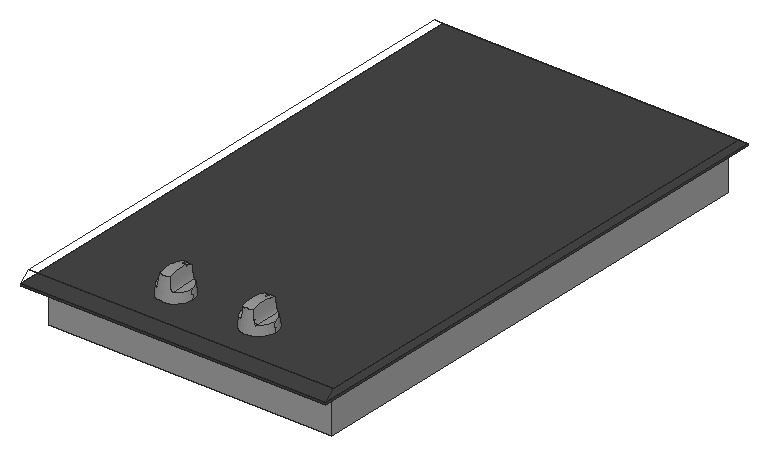
Revit family "VT CM 30 2P", category Specialty Equipment, host Face, Revit 2017 (continued)
Automatic sketch dimensions
  Split face 85 sketch curve to Extrusion 4 = 8.859 mm
  Split face 85 sketch curve to Extrusion 4 = 37.384 mm
  Split face 85 sketch curve to Split face 85 sketch curve = 2.100 mm
  Split face 86 sketch curve to Extrusion 4 = 9.259 mm
  Split face 86 sketch curve to Split face 86 sketch curve = 1.175 mm
  Split face 86 sketch curve to Extrusion 4 = 36.984 mm
  Split face 86 sketch curve to Split face 86 sketch curve = 1.700 mm
  Split face 86 sketch curve to Split face 86 sketch curve = 0.000 mm
  Split face 87 sketch curve to Split face 87 sketch curve = 0.000 mm  (x2)
  Split face 87 sketch curve to Extrusion 4 = 49.196 mm
  Split face 87 sketch curve to Split face 87 sketch curve = 5.000 mm
  Split face 87 sketch curve to Split face 87 sketch curve = 2.200 mm
  Split face 87 sketch curve to Split face 87 sketch curve = 0.800 mm
  Split face 87 sketch curve to Extrusion 4 = 54.279 mm
  Split face 87 sketch curve to Split face 87 sketch curve = 2.000 mm
  Split face 88 sketch curve to Split face 88 sketch curve = 0.000 mm  (x2)
  Split face 88 sketch curve to Extrusion 4 = 49.196 mm
  Split face 88 sketch curve to Split face 88 sketch curve = 5.000 mm
  Split face 88 sketch curve to Split face 88 sketch curve = 2.200 mm
  Split face 88 sketch curve to Split face 88 sketch curve = 0.800 mm
  Split face 88 sketch curve to Extrusion 4 = 38.779 mm
  Split face 88 sketch curve to Split face 88 sketch curve = 2.000 mm
  Split face 89 sketch curve to Extrusion 4 = 47.300 mm
  Split face 89 sketch curve to Extrusion 4 = 49.152 mm
  Split face 90 sketch curve to Extrusion 4 = 30.892 mm
  Split face 90 sketch curve to Extrusion 4 = 49.152 mm
  Split face 91 sketch curve to Split face 91 sketch curve = 0.000 mm  (x2)
  Split face 91 sketch curve to Extrusion 4 = 21.796 mm
  Split face 91 sketch curve to Split face 91 sketch curve = 0.800 mm
  Split face 91 sketch curve to Split face 91 sketch curve = 2.200 mm
  Split face 91 sketch curve to Split face 91 sketch curve = 5.000 mm
  Split face 91 sketch curve to Extrusion 4 = 54.279 mm
  Split face 91 sketch curve to Split face 91 sketch curve = 2.000 mm
  Split face 92 sketch curve to Split face 92 sketch curve = 0.000 mm  (x2)
  Split face 92 sketch curve to Extrusion 4 = 21.796 mm
  Split face 92 sketch curve to Split face 92 sketch curve = 0.800 mm
  Split face 92 sketch curve to Split face 92 sketch curve = 2.200 mm
  Split face 92 sketch curve to Split face 92 sketch curve = 5.000 mm
  Split face 92 sketch curve to Extrusion 4 = 38.779 mm
  Split face 92 sketch curve to Split face 92 sketch curve = 2.000 mm
  Split face 93 sketch curve to Extrusion 4 = 58.339 mm
  Split face 93 sketch curve to Split face 93 sketch curve = 1.760 mm
  Split face 93 sketch curve to Extrusion 4 = 113.754 mm
  Split face 93 sketch curve to Split face 93 sketch curve = 0.800 mm
  Split face 94 sketch curve to Extrusion 4 = 58.339 mm
  Split face 94 sketch curve to Split face 94 sketch curve = 1.760 mm
  Split face 94 sketch curve to Extrusion 4 = 113.354 mm
  Split face 94 sketch curve to Split face 94 sketch curve = 0.400 mm
  Split face 95 sketch curve to Extrusion 4 = 50.612 mm
  Split face 95 sketch curve to Split face 95 sketch curve = 3.360 mm
  Split face 95 sketch curve to Extrusion 4 = 128.275 mm
  Split face 95 sketch curve to Split face 95 sketch curve = 1.200 mm
  Split face 96 sketch curve to Extrusion 4 = 50.612 mm
  Split face 96 sketch curve to Extrusion 4 = 127.875 mm
  Split face 96 sketch curve to Split face 96 sketch curve = 3.360 mm
  Split face 97 sketch curve to Extrusion 4 = 53.272 mm
  Split face 97 sketch curve to Extrusion 4 = 127.075 mm
  Split face 97 sketch curve to Split face 97 sketch curve = 0.700 mm
  Split face 97 sketch curve to Split face 97 sketch curve = 0.800 mm
  Split face 97 sketch curve to Split face 97 sketch curve = 0.000 mm
  Split face 98 sketch curve to Extrusion 4 = 50.612 mm
  Split face 98 sketch curve to Split face 98 sketch curve = 2.396 mm
  Split face 98 sketch curve to Split face 98 sketch curve = 0.164 mm
  Split face 98 sketch curve to Split face 98 sketch curve = 0.000 mm
  Split face 98 sketch curve to Extrusion 4 = 130.922 mm
  Split face 98 sketch curve to Split face 98 sketch curve = 0.400 mm
  Split face 98 sketch curve to Split face 98 sketch curve = 0.550 mm
  Split face 98 sketch curve to Split face 98 sketch curve = 1.894 mm
  Split face 99 sketch curve to Extrusion 4 = 52.994 mm
  Split face 99 sketch curve to Extrusion 4 = 129.972 mm
  Split face 99 sketch curve to Split face 99 sketch curve = 0.178 mm  (x2)
  Split face 99 sketch curve to Split face 99 sketch curve = 0.550 mm
  Split face 100 sketch curve to Extrusion 4 = 51.012 mm
  Split face 100 sketch curve to Extrusion 4 = 129.615 mm
  Split face 100 sketch curve to Split face 100 sketch curve = 2.160 mm
  Split face 100 sketch curve to Split face 100 sketch curve = 1.307 mm
  Split face 100 sketch curve to Split face 100 sketch curve = 0.000 mm
  Split face 101 sketch curve to Extrusion 4 = 42.135 mm
  Split face 101 sketch curve to Split face 101 sketch curve = 3.360 mm
  Split face 101 sketch curve to Extrusion 4 = 131.360 mm
  Split face 101 sketch curve to Split face 101 sketch curve = 1.200 mm
  Split face 102 sketch curve to Extrusion 4 = 42.135 mm
  Split face 102 sketch curve to Extrusion 4 = 130.960 mm
  Split face 102 sketch curve to Split face 102 sketch curve = 3.360 mm
  Split face 103 sketch curve to Extrusion 4 = 44.795 mm
  Split face 103 sketch curve to Extrusion 4 = 130.160 mm
  Split face 103 sketch curve to Split face 103 sketch curve = 0.700 mm
  Split face 103 sketch curve to Split face 103 sketch curve = 0.800 mm
  Split face 103 sketch curve to Split face 103 sketch curve = 0.000 mm
  Split face 104 sketch curve to Extrusion 4 = 42.135 mm
  Split face 104 sketch curve to Split face 104 sketch curve = 3.360 mm
  Split face 104 sketch curve to Extrusion 4 = 133.760 mm
  Split face 104 sketch curve to Split face 104 sketch curve = 1.200 mm
  Split face 105 sketch curve to Extrusion 4 = 42.135 mm
  Split face 105 sketch curve to Extrusion 4 = 133.360 mm
  Split face 105 sketch curve to Split face 105 sketch curve = 3.360 mm
  Split face 106 sketch curve to Extrusion 4 = 44.795 mm
  Split face 106 sketch curve to Extrusion 4 = 132.560 mm
  Split face 106 sketch curve to Split face 106 sketch curve = 0.700 mm
  Split face 106 sketch curve to Split face 106 sketch curve = 0.800 mm
  Split face 106 sketch curve to Split face 106 sketch curve = 0.000 mm
  Split face 107 sketch curve to Extrusion 4 = 34.343 mm
  Split face 107 sketch curve to Split face 107 sketch curve = 3.360 mm
  Split face 107 sketch curve to Extrusion 4 = 131.360 mm
  Split face 107 sketch curve to Split face 107 sketch curve = 1.200 mm
  Split face 108 sketch curve to Extrusion 4 = 34.343 mm
  Split face 108 sketch curve to Extrusion 4 = 130.960 mm
  Split face 108 sketch curve to Split face 108 sketch curve = 3.360 mm
  Split face 109 sketch curve to Extrusion 4 = 37.003 mm
  Split face 109 sketch curve to Extrusion 4 = 130.160 mm
  Split face 109 sketch curve to Split face 109 sketch curve = 0.700 mm
  Split face 109 sketch curve to Split face 109 sketch curve = 0.800 mm
  Split face 109 sketch curve to Split face 109 sketch curve = 0.000 mm
  Split face 110 sketch curve to Extrusion 4 = 35.143 mm
  Split face 110 sketch curve to Split face 110 sketch curve = 1.760 mm
  Split face 110 sketch curve to Extrusion 4 = 134.104 mm
  Split face 110 sketch curve to Split face 110 sketch curve = 0.800 mm
  Split face 111 sketch curve to Extrusion 4 = 35.143 mm
  Split face 111 sketch curve to Split face 111 sketch curve = 1.760 mm
  Split face 111 sketch curve to Extrusion 4 = 133.704 mm
  Split face 111 sketch curve to Split face 111 sketch curve = 0.400 mm
  Split face 112 sketch curve to Extrusion 4 = 25.944 mm
  Split face 112 sketch curve to Split face 112 sketch curve = 3.360 mm
  Split face 112 sketch curve to Extrusion 4 = 128.765 mm
  Split face 112 sketch curve to Split face 112 sketch curve = 1.600 mm
  Split face 113 sketch curve to Extrusion 4 = 26.344 mm
  Split face 113 sketch curve to Split face 113 sketch curve = 0.960 mm
  Split face 113 sketch curve to Extrusion 4 = 128.365 mm
  Split face 113 sketch curve to Split face 113 sketch curve = 1.200 mm
  Split face 113 sketch curve to Split face 113 sketch curve = 0.000 mm
  Split face 114 sketch curve to Extrusion 4 = 27.704 mm
  Split face 114 sketch curve to Split face 114 sketch curve = 1.200 mm
  Split face 114 sketch curve to Extrusion 4 = 128.365 mm
  Split face 114 sketch curve to Split face 114 sketch curve = 0.800 mm
  Split face 115 sketch curve to Extrusion 4 = 22.209 mm
  Split face 115 sketch curve to Split face 115 sketch curve = 1.400 mm
  Split face 115 sketch curve to Extrusion 4 = 121.925 mm
  Split face 115 sketch curve to Split face 115 sketch curve = 0.000 mm
  Split face 115 sketch curve to Split face 115 sketch curve = 0.557 mm
  Split face 115 sketch curve to Split face 115 sketch curve = 0.707 mm
  Split face 116 sketch curve to Extrusion 4 = 23.609 mm
  Split face 116 sketch curve to Extrusion 4 = 121.925 mm
  Split face 117 sketch curve to Extrusion 4 = 22.209 mm
  Split face 117 sketch curve to Split face 117 sketch curve = 0.536 mm
  Split face 117 sketch curve to Extrusion 4 = 122.375 mm
  Split face 117 sketch curve to Split face 117 sketch curve = 0.450 mm
  Split face 118 sketch curve to Extrusion 4 = 22.124 mm
  Split face 118 sketch curve to Split face 118 sketch curve = 0.800 mm
  Split face 118 sketch curve to Extrusion 4 = 114.374 mm
  Split face 118 sketch curve to Split face 118 sketch curve = 2.135 mm
  Split face 119 sketch curve to Split face 119 sketch curve = 0.000 mm  (x3)
  Split face 119 sketch curve to Extrusion 4 = 18.918 mm
  Split face 119 sketch curve to Split face 119 sketch curve = 0.341 mm
  Split face 119 sketch curve to Extrusion 4 = 117.793 mm
  Split face 119 sketch curve to Split face 119 sketch curve = 4.675 mm
  Split face 119 sketch curve to Split face 119 sketch curve = 0.802 mm
  Split face 119 sketch curve to Split face 119 sketch curve = 2.865 mm
  Split face 120 sketch curve to Extrusion 4 = 18.918 mm
  Split face 120 sketch curve to Extrusion 4 = 117.793 mm
  Split face 120 sketch curve to Split face 120 sketch curve = 0.341 mm
  Split face 120 sketch curve to Split face 120 sketch curve = 2.865 mm
  Split face 120 sketch curve to Split face 120 sketch curve = 3.950 mm
  Split face 121 sketch curve to Extrusion 4 = 22.524 mm
  Split face 121 sketch curve to Extrusion 4 = 114.374 mm
  Split face 121 sketch curve to Split face 121 sketch curve = 2.135 mm
  Split face 122 sketch curve to Extrusion 4 = 20.576 mm
  Split face 122 sketch curve to Split face 122 sketch curve = 3.360 mm
  Split face 122 sketch curve to Extrusion 4 = 107.394 mm
  Split face 122 sketch curve to Split face 122 sketch curve = 1.600 mm
  Split face 123 sketch curve to Extrusion 4 = 20.976 mm
  Split face 123 sketch curve to Split face 123 sketch curve = 1.200 mm
  Split face 123 sketch curve to Extrusion 4 = 106.994 mm
  Split face 123 sketch curve to Split face 123 sketch curve = 0.800 mm
  Split face 124 sketch curve to Extrusion 4 = 22.576 mm
  Split face 124 sketch curve to Split face 124 sketch curve = 0.960 mm
  Split face 124 sketch curve to Extrusion 4 = 106.194 mm
  Split face 124 sketch curve to Split face 124 sketch curve = 1.200 mm
  Split face 124 sketch curve to Split face 124 sketch curve = 0.000 mm
  Split face 125 sketch curve to Extrusion 4 = 23.962 mm
  Split face 125 sketch curve to Split face 125 sketch curve = 3.360 mm
  Split face 125 sketch curve to Extrusion 4 = 100.455 mm
  Split face 125 sketch curve to Split face 125 sketch curve = 1.600 mm
  Split face 126 sketch curve to Extrusion 4 = 26.042 mm
  Split face 126 sketch curve to Split face 126 sketch curve = 0.880 mm
  Split face 126 sketch curve to Extrusion 4 = 99.255 mm
  Split face 126 sketch curve to Split face 126 sketch curve = 1.200 mm
  Split face 126 sketch curve to Split face 126 sketch curve = 0.000 mm
  Split face 127 sketch curve to Extrusion 4 = 24.362 mm
  Split face 127 sketch curve to Split face 127 sketch curve = 1.280 mm
  Split face 127 sketch curve to Extrusion 4 = 100.055 mm
  Split face 127 sketch curve to Split face 127 sketch curve = 1.200 mm  (x2)
  Split face 128 sketch curve to Extrusion 4 = 30.808 mm
  Split face 128 sketch curve to Split face 128 sketch curve = 3.360 mm
  Split face 128 sketch curve to Extrusion 4 = 96.338 mm
  Split face 128 sketch curve to Split face 128 sketch curve = 1.900 mm
  Split face 129 sketch curve to Extrusion 4 = 30.808 mm
  Split face 129 sketch curve to Extrusion 4 = 34.168 mm
  Split face 129 sketch curve to Extrusion 4 = 95.938 mm
  Split face 130 sketch curve to Extrusion 4 = 31.988 mm
  Split face 130 sketch curve to Extrusion 4 = 95.938 mm
  Split face 130 sketch curve to Split face 130 sketch curve = 0.400 mm
  Split face 130 sketch curve to Split face 130 sketch curve = 0.000 mm  (x2)
  Split face 130 sketch curve to Split face 130 sketch curve = 1.500 mm
  Split face 131 sketch curve to Extrusion 4 = 32.388 mm
  Split face 131 sketch curve to Extrusion 4 = 33.547 mm
  Split face 131 sketch curve to Extrusion 4 = 95.938 mm
  Split face 131 sketch curve to Split face 131 sketch curve = 0.000 mm  (x2)
  Split face 131 sketch curve to Split face 131 sketch curve = 0.621 mm
  Split face 131 sketch curve to Split face 131 sketch curve = 0.977 mm
  Split face 131 sketch curve to Split face 131 sketch curve = 0.523 mm
  Split face 132 sketch curve to Extrusion 4 = 38.471 mm
  Split face 132 sketch curve to Split face 132 sketch curve = 1.400 mm
  Split face 132 sketch curve to Extrusion 4 = 93.759 mm
  Split face 132 sketch curve to Split face 132 sketch curve = 1.100 mm
  Split face 133 sketch curve to Extrusion 4 = 38.471 mm
  Split face 133 sketch curve to Split face 133 sketch curve = 1.400 mm
  Split face 133 sketch curve to Extrusion 4 = 93.759 mm
  Split face 133 sketch curve to Split face 133 sketch curve = 0.000 mm
  Split face 133 sketch curve to Split face 133 sketch curve = 0.557 mm
  Split face 133 sketch curve to Split face 133 sketch curve = 0.707 mm
  Split face 134 sketch curve to Extrusion 4 = 38.471 mm
  Split face 134 sketch curve to Split face 134 sketch curve = 1.400 mm
  Split face 134 sketch curve to Extrusion 4 = 93.759 mm
  Split face 134 sketch curve to Split face 134 sketch curve = 0.000 mm
  Split face 134 sketch curve to Split face 134 sketch curve = 0.700 mm
  Split face 134 sketch curve to Split face 134 sketch curve = 0.200 mm
  Split face 135 sketch curve to Extrusion 4 = 44.091 mm
  Split face 135 sketch curve to Split face 135 sketch curve = 2.396 mm
  Split face 135 sketch curve to Split face 135 sketch curve = 0.164 mm
  Split face 135 sketch curve to Split face 135 sketch curve = 0.000 mm
  Split face 135 sketch curve to Extrusion 4 = 95.481 mm
  Split face 135 sketch curve to Split face 135 sketch curve = 0.400 mm
  Split face 135 sketch curve to Split face 135 sketch curve = 0.550 mm
  Split face 135 sketch curve to Split face 135 sketch curve = 1.894 mm
  Split face 136 sketch curve to Extrusion 4 = 46.473 mm
  Split face 136 sketch curve to Extrusion 4 = 94.531 mm
  Split face 136 sketch curve to Split face 136 sketch curve = 0.178 mm  (x2)
  Split face 136 sketch curve to Split face 136 sketch curve = 0.550 mm
  Split face 137 sketch curve to Extrusion 4 = 44.491 mm
  Split face 137 sketch curve to Extrusion 4 = 94.173 mm
  Split face 137 sketch curve to Split face 137 sketch curve = 2.160 mm
  Split face 137 sketch curve to Split face 137 sketch curve = 1.307 mm
  Split face 137 sketch curve to Split face 137 sketch curve = 0.000 mm
  Split face 138 sketch curve to Extrusion 4 = 50.612 mm
  Split face 138 sketch curve to Split face 138 sketch curve = 3.360 mm
  Split face 138 sketch curve to Extrusion 4 = 98.939 mm
  Split face 138 sketch curve to Split face 138 sketch curve = 1.200 mm
  Split face 139 sketch curve to Extrusion 4 = 50.612 mm
  Split face 139 sketch curve to Extrusion 4 = 98.539 mm
  Split face 139 sketch curve to Split face 139 sketch curve = 3.360 mm
  Split face 140 sketch curve to Extrusion 4 = 53.272 mm
  Split face 140 sketch curve to Extrusion 4 = 97.739 mm
  Split face 140 sketch curve to Split face 140 sketch curve = 0.700 mm
  Split face 140 sketch curve to Split face 140 sketch curve = 0.800 mm
  Split face 140 sketch curve to Split face 140 sketch curve = 0.000 mm
  Split face 141 sketch curve to Extrusion 4 = 58.339 mm
  Split face 141 sketch curve to Split face 141 sketch curve = 1.760 mm
  Split face 141 sketch curve to Extrusion 4 = 104.367 mm
  Split face 141 sketch curve to Split face 141 sketch curve = 0.800 mm
  Split face 142 sketch curve to Extrusion 4 = 58.339 mm
  Split face 142 sketch curve to Split face 142 sketch curve = 1.760 mm
  Split face 142 sketch curve to Extrusion 4 = 104.767 mm
  Split face 142 sketch curve to Split face 142 sketch curve = 0.400 mm
  Split face 143 sketch curve to Extrusion 4 = 50.612 mm
  Split face 143 sketch curve to Split face 143 sketch curve = 3.360 mm
  Split face 143 sketch curve to Extrusion 4 = 89.847 mm
  Split face 143 sketch curve to Split face 143 sketch curve = 1.200 mm
  Split face 144 sketch curve to Extrusion 4 = 50.612 mm
  Split face 144 sketch curve to Extrusion 4 = 90.247 mm
  Split face 144 sketch curve to Split face 144 sketch curve = 3.360 mm
  Split face 145 sketch curve to Extrusion 4 = 53.272 mm
  Split face 145 sketch curve to Extrusion 4 = 91.047 mm
  Split face 145 sketch curve to Split face 145 sketch curve = 0.700 mm
  Split face 145 sketch curve to Split face 145 sketch curve = 0.800 mm
  Split face 145 sketch curve to Split face 145 sketch curve = 0.000 mm
  Split face 146 sketch curve to Extrusion 4 = 50.612 mm
  Split face 146 sketch curve to Split face 146 sketch curve = 2.396 mm
  Split face 146 sketch curve to Split face 146 sketch curve = 0.164 mm
  Split face 146 sketch curve to Split face 146 sketch curve = 0.000 mm
  Split face 146 sketch curve to Extrusion 4 = 87.199 mm
  Split face 146 sketch curve to Split face 146 sketch curve = 0.400 mm
  Split face 146 sketch curve to Split face 146 sketch curve = 0.550 mm
  Split face 146 sketch curve to Split face 146 sketch curve = 1.894 mm
  Split face 147 sketch curve to Extrusion 4 = 52.994 mm
  Split face 147 sketch curve to Extrusion 4 = 88.149 mm
  Split face 147 sketch curve to Split face 147 sketch curve = 0.178 mm  (x2)
  Split face 147 sketch curve to Split face 147 sketch curve = 0.550 mm
  Split face 148 sketch curve to Extrusion 4 = 51.012 mm
  Split face 148 sketch curve to Extrusion 4 = 88.506 mm
  Split face 148 sketch curve to Split face 148 sketch curve = 2.160 mm
  Split face 148 sketch curve to Split face 148 sketch curve = 1.307 mm
  Split face 148 sketch curve to Split face 148 sketch curve = 0.000 mm
  Split face 149 sketch curve to Extrusion 4 = 42.135 mm
  Split face 149 sketch curve to Split face 149 sketch curve = 3.360 mm
  Split face 149 sketch curve to Extrusion 4 = 86.761 mm
  Split face 149 sketch curve to Split face 149 sketch curve = 1.200 mm
  Split face 150 sketch curve to Extrusion 4 = 42.135 mm
  Split face 150 sketch curve to Extrusion 4 = 87.161 mm
  Split face 150 sketch curve to Split face 150 sketch curve = 3.360 mm
  Split face 151 sketch curve to Extrusion 4 = 44.795 mm
  Split face 151 sketch curve to Extrusion 4 = 87.961 mm
  Split face 151 sketch curve to Split face 151 sketch curve = 0.700 mm
  Split face 151 sketch curve to Split face 151 sketch curve = 0.800 mm
  Split face 151 sketch curve to Split face 151 sketch curve = 0.000 mm
  Split face 152 sketch curve to Extrusion 4 = 42.135 mm
  Split face 152 sketch curve to Split face 152 sketch curve = 3.360 mm
  Split face 152 sketch curve to Extrusion 4 = 84.361 mm
  Split face 152 sketch curve to Split face 152 sketch curve = 1.200 mm
  Split face 153 sketch curve to Extrusion 4 = 42.135 mm
  Split face 153 sketch curve to Extrusion 4 = 84.761 mm
  Split face 153 sketch curve to Split face 153 sketch curve = 3.360 mm
  Split face 154 sketch curve to Extrusion 4 = 44.795 mm
  Split face 154 sketch curve to Extrusion 4 = 85.561 mm
  Split face 154 sketch curve to Split face 154 sketch curve = 0.700 mm
  Split face 154 sketch curve to Split face 154 sketch curve = 0.800 mm
  Split face 154 sketch curve to Split face 154 sketch curve = 0.000 mm
  Split face 155 sketch curve to Extrusion 4 = 34.343 mm
  Split face 155 sketch curve to Split face 155 sketch curve = 3.360 mm
  Split face 155 sketch curve to Extrusion 4 = 86.761 mm
  Split face 155 sketch curve to Split face 155 sketch curve = 1.200 mm
  Split face 156 sketch curve to Extrusion 4 = 34.343 mm
  Split face 156 sketch curve to Extrusion 4 = 87.161 mm
  Split face 156 sketch curve to Split face 156 sketch curve = 3.360 mm
  Split face 157 sketch curve to Extrusion 4 = 37.003 mm
  Split face 157 sketch curve to Extrusion 4 = 87.961 mm
  Split face 157 sketch curve to Split face 157 sketch curve = 0.700 mm
  Split face 157 sketch curve to Split face 157 sketch curve = 0.800 mm
  Split face 157 sketch curve to Split face 157 sketch curve = 0.000 mm
  Split face 158 sketch curve to Extrusion 4 = 35.143 mm
  Split face 158 sketch curve to Split face 158 sketch curve = 1.760 mm
  Split face 158 sketch curve to Extrusion 4 = 84.018 mm
  Split face 158 sketch curve to Split face 158 sketch curve = 0.800 mm
  Split face 159 sketch curve to Extrusion 4 = 35.143 mm
  Split face 159 sketch curve to Split face 159 sketch curve = 1.760 mm
  Split face 159 sketch curve to Extrusion 4 = 84.418 mm
  Split face 159 sketch curve to Split face 159 sketch curve = 0.400 mm
  Split face 160 sketch curve to Extrusion 4 = 25.944 mm
  Split face 160 sketch curve to Split face 160 sketch curve = 3.360 mm
  Split face 160 sketch curve to Extrusion 4 = 89.356 mm
  Split face 160 sketch curve to Split face 160 sketch curve = 1.600 mm
  Split face 161 sketch curve to Extrusion 4 = 26.344 mm
  Split face 161 sketch curve to Split face 161 sketch curve = 0.960 mm
  Split face 161 sketch curve to Extrusion 4 = 89.756 mm
  Split face 161 sketch curve to Split face 161 sketch curve = 1.200 mm
  Split face 161 sketch curve to Split face 161 sketch curve = 0.000 mm
  Split face 162 sketch curve to Extrusion 4 = 27.704 mm
  Split face 162 sketch curve to Split face 162 sketch curve = 1.200 mm
  Split face 162 sketch curve to Extrusion 4 = 89.756 mm
  Split face 162 sketch curve to Split face 162 sketch curve = 0.800 mm
  Split face 163 sketch curve to Extrusion 4 = 22.209 mm
  Split face 163 sketch curve to Split face 163 sketch curve = 1.400 mm
  Split face 163 sketch curve to Extrusion 4 = 96.196 mm
  Split face 163 sketch curve to Split face 163 sketch curve = 0.000 mm
  Split face 163 sketch curve to Split face 163 sketch curve = 0.557 mm
  Split face 163 sketch curve to Split face 163 sketch curve = 0.707 mm
  Split face 164 sketch curve to Extrusion 4 = 23.609 mm
  Split face 164 sketch curve to Extrusion 4 = 96.196 mm
  Split face 165 sketch curve to Extrusion 4 = 22.209 mm
  Split face 165 sketch curve to Split face 165 sketch curve = 0.536 mm
  Split face 165 sketch curve to Extrusion 4 = 95.746 mm
  Split face 165 sketch curve to Split face 165 sketch curve = 0.450 mm
  Split face 166 sketch curve to Extrusion 4 = 22.124 mm
  Split face 166 sketch curve to Split face 166 sketch curve = 0.800 mm
  Split face 166 sketch curve to Extrusion 4 = 103.748 mm
  Split face 166 sketch curve to Split face 166 sketch curve = 2.135 mm
  Split face 167 sketch curve to Split face 167 sketch curve = 0.000 mm  (x3)
  Split face 167 sketch curve to Extrusion 4 = 18.918 mm
  Split face 167 sketch curve to Split face 167 sketch curve = 0.341 mm
  Split face 167 sketch curve to Extrusion 4 = 100.328 mm
  Split face 167 sketch curve to Split face 167 sketch curve = 4.675 mm
  Split face 167 sketch curve to Split face 167 sketch curve = 0.802 mm
  Split face 167 sketch curve to Split face 167 sketch curve = 2.865 mm
  Split face 168 sketch curve to Extrusion 4 = 18.918 mm
  Split face 168 sketch curve to Extrusion 4 = 100.328 mm
  Split face 168 sketch curve to Split face 168 sketch curve = 0.341 mm
  Split face 168 sketch curve to Split face 168 sketch curve = 2.865 mm
  Split face 168 sketch curve to Split face 168 sketch curve = 3.950 mm
  Split face 169 sketch curve to Extrusion 4 = 22.524 mm
  Split face 169 sketch curve to Extrusion 4 = 103.748 mm
  Split face 169 sketch curve to Split face 169 sketch curve = 2.135 mm
  Split face 170 sketch curve to Extrusion 4 = 20.576 mm
  Split face 170 sketch curve to Split face 170 sketch curve = 3.360 mm
  Split face 170 sketch curve to Extrusion 4 = 110.727 mm
  Split face 170 sketch curve to Split face 170 sketch curve = 1.600 mm
  Split face 171 sketch curve to Extrusion 4 = 20.976 mm
  Split face 171 sketch curve to Split face 171 sketch curve = 1.200 mm
  Split face 171 sketch curve to Extrusion 4 = 111.127 mm
  Split face 171 sketch curve to Split face 171 sketch curve = 0.800 mm
  Split face 172 sketch curve to Extrusion 4 = 22.576 mm
  Split face 172 sketch curve to Split face 172 sketch curve = 0.960 mm
  Split face 172 sketch curve to Extrusion 4 = 111.927 mm
  Split face 172 sketch curve to Split face 172 sketch curve = 1.200 mm
  Split face 172 sketch curve to Split face 172 sketch curve = 0.000 mm
  Split face 173 sketch curve to Extrusion 4 = 23.962 mm
  Split face 173 sketch curve to Split face 173 sketch curve = 3.360 mm
  Split face 173 sketch curve to Extrusion 4 = 117.666 mm
  Split face 173 sketch curve to Split face 173 sketch curve = 1.600 mm
  Split face 174 sketch curve to Extrusion 4 = 26.042 mm
  Split face 174 sketch curve to Split face 174 sketch curve = 0.880 mm
  Split face 174 sketch curve to Extrusion 4 = 118.866 mm
  Split face 174 sketch curve to Split face 174 sketch curve = 1.200 mm
  Split face 174 sketch curve to Split face 174 sketch curve = 0.000 mm
  Split face 175 sketch curve to Extrusion 4 = 24.362 mm
  Split face 175 sketch curve to Split face 175 sketch curve = 1.280 mm
  Split face 175 sketch curve to Extrusion 4 = 118.066 mm
  Split face 175 sketch curve to Split face 175 sketch curve = 1.200 mm  (x2)
  Split face 176 sketch curve to Extrusion 4 = 30.808 mm
  Split face 176 sketch curve to Split face 176 sketch curve = 3.360 mm
  Split face 176 sketch curve to Extrusion 4 = 121.784 mm
  Split face 176 sketch curve to Split face 176 sketch curve = 1.900 mm
  Split face 177 sketch curve to Extrusion 4 = 30.808 mm
  Split face 177 sketch curve to Extrusion 4 = 34.168 mm
  Split face 177 sketch curve to Extrusion 4 = 122.184 mm
  Split face 178 sketch curve to Extrusion 4 = 31.988 mm
  Split face 178 sketch curve to Extrusion 4 = 122.184 mm
  Split face 178 sketch curve to Split face 178 sketch curve = 0.400 mm
  Split face 178 sketch curve to Split face 178 sketch curve = 0.000 mm  (x2)
  Split face 178 sketch curve to Split face 178 sketch curve = 1.500 mm
  Split face 179 sketch curve to Extrusion 4 = 32.388 mm
  Split face 179 sketch curve to Extrusion 4 = 33.547 mm
  Split face 179 sketch curve to Extrusion 4 = 122.184 mm
  Split face 179 sketch curve to Split face 179 sketch curve = 0.000 mm  (x2)
  Split face 179 sketch curve to Split face 179 sketch curve = 0.621 mm
  Split face 179 sketch curve to Split face 179 sketch curve = 0.977 mm
  Split face 179 sketch curve to Split face 179 sketch curve = 0.523 mm
  Split face 180 sketch curve to Extrusion 4 = 38.471 mm
  Split face 180 sketch curve to Split face 180 sketch curve = 1.400 mm
  Split face 180 sketch curve to Extrusion 4 = 124.362 mm
  Split face 180 sketch curve to Split face 180 sketch curve = 1.100 mm
  Split face 181 sketch curve to Extrusion 4 = 38.471 mm
  Split face 181 sketch curve to Split face 181 sketch curve = 1.400 mm
  Split face 181 sketch curve to Extrusion 4 = 124.362 mm
  Split face 181 sketch curve to Split face 181 sketch curve = 0.000 mm
  Split face 181 sketch curve to Split face 181 sketch curve = 0.557 mm
  Split face 181 sketch curve to Split face 181 sketch curve = 0.707 mm
  Split face 182 sketch curve to Extrusion 4 = 38.471 mm
  Split face 182 sketch curve to Split face 182 sketch curve = 1.400 mm
  Split face 182 sketch curve to Extrusion 4 = 124.362 mm
  Split face 182 sketch curve to Split face 182 sketch curve = 0.000 mm
  Split face 182 sketch curve to Split face 182 sketch curve = 0.700 mm
  Split face 182 sketch curve to Split face 182 sketch curve = 0.200 mm
  Split face 183 sketch curve to Extrusion 4 = 44.091 mm
  Split face 183 sketch curve to Split face 183 sketch curve = 2.396 mm
  Split face 183 sketch curve to Split face 183 sketch curve = 0.164 mm
  Split face 183 sketch curve to Split face 183 sketch curve = 0.000 mm
  Split face 183 sketch curve to Extrusion 4 = 122.641 mm
  Split face 183 sketch curve to Split face 183 sketch curve = 0.400 mm
  Split face 183 sketch curve to Split face 183 sketch curve = 0.550 mm
  Split face 183 sketch curve to Split face 183 sketch curve = 1.894 mm
  Split face 184 sketch curve to Extrusion 4 = 46.473 mm
  Split face 184 sketch curve to Extrusion 4 = 123.591 mm
  Split face 184 sketch curve to Split face 184 sketch curve = 0.178 mm  (x2)
  Split face 184 sketch curve to Split face 184 sketch curve = 0.550 mm
  Split face 185 sketch curve to Extrusion 4 = 44.491 mm
  Split face 185 sketch curve to Extrusion 4 = 123.948 mm
  Split face 185 sketch curve to Split face 185 sketch curve = 2.160 mm
  Split face 185 sketch curve to Split face 185 sketch curve = 1.307 mm
  Split face 185 sketch curve to Split face 185 sketch curve = 0.000 mm
  Split face 186 sketch curve to Extrusion 4 = 50.612 mm
  Split face 186 sketch curve to Split face 186 sketch curve = 3.360 mm
  Split face 186 sketch curve to Extrusion 4 = 119.183 mm
  Split face 186 sketch curve to Split face 186 sketch curve = 1.200 mm
  Split face 187 sketch curve to Extrusion 4 = 50.612 mm
  Split face 187 sketch curve to Extrusion 4 = 119.583 mm
  Split face 187 sketch curve to Split face 187 sketch curve = 3.360 mm
  Split face 188 sketch curve to Extrusion 4 = 53.272 mm
  Split face 188 sketch curve to Extrusion 4 = 120.383 mm
  Split face 188 sketch curve to Split face 188 sketch curve = 0.700 mm
  Split face 188 sketch curve to Split face 188 sketch curve = 0.800 mm
  Split face 188 sketch curve to Split face 188 sketch curve = 0.000 mm
  Extrusion 4 sketch curve to plane 5 = 0.000 mm
  Extrusion 4 sketch curve to plane 14 = 0.000 mm
  Extrusion 4 sketch curve to plane 10 = 0.000 mm
  Extrusion 4 sketch curve to plane 4 = 0.000 mm
  plane 15 to Extrusion 4 sketch curve = 0.000 mm
  level to Extrusion 4 sketch curve = 2.000 mm
  radius of Split face 44 sketch curve = 92.000 mm
  radius of Split face 46 sketch curve = 74.000 mm
  radius of Split face 50 sketch curve = 2.543 mm
  radius of Split face 57 sketch curve = 4.083 mm
  radius of Split face 89 sketch curve = 3.539 mm
  radius of Split face 90 sketch curve = 3.539 mm
  radius of Split face 116 sketch curve = 0.500 mm
  radius of Split face 164 sketch curve = 0.500 mm
Nested families
  nested 1: "Perilla Encimera" at (-37.106, -215, 10), type "Perilla Encimera"
  nested 2: "Perilla Encimera" at (44.773, -215, 10) x (-1, 0, 0) z (0, 0, 1), type "Perilla Encimera"
Connectors
  electrical at (0.017, 243.565, -20)
    settings: on Extrusion 2, index 1, voltage 220 V, apparent load 0 VA, apparent load phase1 0 VA, apparent load phase2 0 VA, apparent load phase3 0 VA, power factor 1, load classification "Other", number of poles 1, system type 31, power factor state 1, is connector primary yes, connector utility no, sub classification motor no, connector description ""
Definition of nested family "Perilla Encimera"
  Parameters (values of type "Perilla Encimera")
    Perilla Aluminio = none
    Default Elevation = 1219.200 mm
  Reference planes
    plane 1 "Center (Front/Back)": y = 0
    plane 2: z = 0
    plane 3 "Center (Left/Right)": x = 0
    plane 4: z = 10
    plane 5: z = 25
  Forms (mm)
    Extrusion 1, solid
      sketch origin (0, 0, 0) x (1, 0, 0) y (0, 1, 0)
        loop
          line (-100, 100) -> (-100, -115.216) -> (93.418, -115.216) -> (93.418, 100) -> (-100, 100)
      from 0 to -25.597
    Blend 2, solid, material <- "Perilla Aluminio"
      base sketch origin (0, 0, 0) x (1, 0, 0) y (0, 1, 0)
        loop
          circle (0, 0) r 16.5
      top sketch origin (0, 0, 0) x (1, 0, 0) y (0, 1, 0)
        loop
          circle (0, 0) r 13.5
      from 1 to 25
    Sweep 3, void
      path origin (-15.467, -4572, 25) x (-1, 0, 0) y (0, -1, 0)
        loop
          arc (-9.789, -4555.764) -> (-10.669, -4572.071) -> (-10.273, -4588.397) r 208.97
      profile origin (-4.798, 0.071, 25) x (-0.99989, 0.014812, 0) y (0, 0, 1)
        loop
          line (2.335, -15) -> (13.314, -15) -> (13.314, 0) -> (0, 0)
          spline (0, 0) -> (0.02, -1.958) -> (0.08, -3.882) -> (0.178, -5.74) -> (0.313, -7.5) -> (0.482, -9.131) -> (0.684, -10.607) -> (0.913, -11.9) -> (1.167, -12.99) -> (1.441, -13.858) -> (1.73, -14.489) -> (2.03, -14.872) -> (2.335, -15)
    Sweep 4, void
      path origin (15.467, -4572, 25) x (1, 0, 0) y (0, 1, 0)
        loop
          arc (-9.789, 4555.764) -> (-10.669, 4572.071) -> (-10.273, 4588.397) r 208.97
      profile origin (4.798, 0.071, 25) x (-0.99989, -0.014812, 0) y (0, 0, 1)
        loop
          spline (-2.335, -15) -> (-2.03, -14.872) -> (-1.73, -14.489) -> (-1.441, -13.858) -> (-1.167, -12.99) -> (-0.913, -11.9) -> (-0.684, -10.607) -> (-0.482, -9.131) -> (-0.313, -7.5) -> (-0.178, -5.74) -> (-0.08, -3.882) -> (-0.02, -1.958) -> (0, 0)
          line (0, 0) -> (-13.314, 0) -> (-13.314, -15) -> (-2.335, -15)
    Blend 5, void
      base sketch origin (-15.467, -4576.375, 25) x (0, -1, 0) y (1, 0, 0)
        loop
          line (-4594.42, 15.067) -> (-4584.48, 15.467) -> (-4594.42, 15.867) -> (-4594.42, 15.067)
      top sketch origin (-15.467, -4576.375, 25) x (-1, 0, 0) y (0, -1, 0)
        loop
          line (-13.515, -4594.42) -> (-15.467, -4584.48) -> (-17.49, -4594.42) -> (-13.515, -4594.42)
      from -5 to 0
    Extrusion 6, void
      sketch origin (0, 0, -0.156) x (0, 1, 0) y (0, 0, 1)
        loop
          line (16.5, 21) -> (16.5, 31) -> (-16.5, 31) -> (-16.5, 21)
          arc (-16.5, 21) -> (0, 25) -> (16.5, 21) r 36.031
      from -16.5 to 16.5
  Cuts and joins
    Sweep 3, Sweep 4, Blend 5, Extrusion 6 cuts Blend 2
  Dimensions and locks
    plane 4 to level = 10.000 mm
    plane 5 to plane 4 = 15.000 mm
    aligned and locked: plane 2 to Extrusion 1
    aligned and locked: level to Extrusion 1
